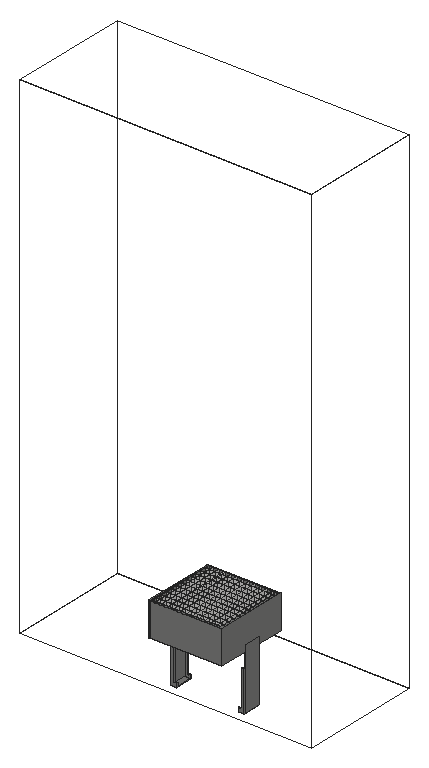
Revit family "Heater-Berko-Thermazone_Series", category Mechanical Equipment, host Face, Revit 2020
Family settings
  Host = Face
  Round Connector Dimension = Use Diameter
  Classification = None
  Part Type = Normal
  OmniClass Number = 23.75.70.17.17
  OmniClass Title = Radiation Panels
  Cut with Voids When Loaded = No
  Shared = No
  Room Calculation Point = No
Parameters (values of type "Not a Type - Load Type Catalog")
  Watts = 0 W
  Wall Mounting [instance] = no
  Voltage = 0 V
  Version = "2020 - v1.0a"  # constant formula
  URL = "https://www.marleymep.com/"
  Total Heating Capacity = 0.0 Btu/h
  Product Page URL = "https://www.marleymep.com/products/berko/thermazone-series-commercialresidential-infrared-heater"
  Product Name = "Thermazone Series - Commercial/Residential Infrared Heater"  # constant formula
  Product Documentation Link = "https://www.marleymep.com/system/files/node/file/field-file/Submittal_THERMAZONE-RadiantHeat-BERKO-FINAL.pdf"
  Power Factor = 1  # constant formula
  Phase = 1
  Number of Poles = 1  # constant formula
  Model = "Not a Type - Load a Type Catalog"
  Manufacturer = "Marley® Engineered Products"  # constant formula
  Length = 1' - 0"
  Keynote = "15500"
  Instruction Sheet Link = "https://www.marleymep.com/system/files/node/file/field-file/Instruction%20Manual_ENM-4155-01%20-%20Thermazone%20-%20Berko.pdf"
  Height = 0' - 5 1/2"  # constant formula
  Frequency = 60 Hz  # constant formula
  Depth = 1' - 0"  # constant formula
  Clearance [instance] = yes
  C_ Thermazone Series WM [instance] = Wall Mounting  # no
  C_ Thermazone Series CM [instance] = Ceiling Mounting  # yes
  C_ Thermazone Series 4' = no
  C_ Thermazone Series 2' = no
  C_ Thermazone Series 1' = yes
  Description = "Infrared Heaters for Industrial/Commercial/Residential\r"  # constant formula
  Default Elevation = 6' - 0"
  Copyright = "© 2015-2024, Marley Engineered Products"  # constant formula
  Ceiling Mounting [instance] = not(Wall Mounting)  # yes
  Infrared Material = Paint - Berko - Powder Coated Black (BK)
  C_ Clearance Wall Mounting [instance] = if(and(Wall Mounting, Clearance), 1 = 1, 1 = 0)  # no
  C_ Clearance Ceiling Mounting [instance] = if(and(Ceiling Mounting, Clearance), 1 = 1, 1 = 0)  # yes
  Assembly Code = "D3060300"
  Angle Positioning [instance] = "For wall mouting, the minimum is 37° and maximum 53°"  # constant formula
  Amps = 0 A
Reference planes (in)
  plane 1 "Center (Front/Back)": y = 0
  plane 2: z = 0
  plane 3 "Center (Left/Right)": x = 0
Dimensions and locks (in)
  aligned and locked: plane 2 to host face
  aligned and locked: level to host face
Nested families (in)
  nested 1: "Heater-Berko-Thermazone_Series-Infrared_Heaters" at (0, 0, 0), Clearance <- "Clearance", Ceiling Mounting <- "Ceiling Mounting", visible <- "C_ Thermazone Series CM", type "Thermazone Series"
    with Wall Mounting no, Thermazone Series yes, Clearance yes, Ceiling Mounting yes, C_ Thermazone Series yes, C_ Clearance Wall Mounting no, C_ Clearance Ceiling Mounting yes
  nested 2: "Heater-Berko-Thermazone_Series-Infrared_Heaters" at (1.37943, -26.67957, 0) x (-1, 0, 0) z (0, 0, 1), Clearance <- "Clearance", Wall Mounting <- "Wall Mounting", visible <- "C_ Thermazone Series WM", Ceiling Mounting <- "Ceiling Mounting", type "Thermazone Series"
    with Wall Mounting no, Thermazone Series yes, Clearance yes, Ceiling Mounting yes, C_ Thermazone Series yes, C_ Clearance Wall Mounting no, C_ Clearance Ceiling Mounting yes
Definition of nested family "Heater-Berko-Thermazone_Series-Infrared_Heaters"
  Parameters (values of type "Thermazone Series")
    Watts = 0 W
    Wall Mounting [instance] = yes
    Voltage = 0 V
    Version = "2020 - v1.0a"  # constant formula
    URL = "https://www.marleymep.com/"
    Total Heating Capacity = 0.0 Btu/h
    Thermazone Series [instance] = yes
    Product Page URL = "https://www.marleymep.com/products/qmark/thermazone-series-commercialresidential-infrared-heater"
    Product Name = "Thermazone Series - Commercial/Residential Infrared Heater"  # constant formula
    Product Documentation Link = "https://www.marleymep.com/system/files/node/file/field-file/Submittal_THERMAZONE-RadiantHeat-2-QMark.pdf"
    Power Factor = 0
    Phase = 1
    Number of Poles = 1
    Model = "Thermazone Series"
    Manufacturer = "Marley® Engineered Products"  # constant formula
    Length = 1' - 0"
    Instruction Sheet Link = "https://www.marleymep.com/system/files/node/file/field-file/Instruction%20Manual_ENM-4153-01%20-%20Thermazone%20-%20QMark_0.pdf"
    Height = 0' - 5 1/2"
    Frequency = 0 Hz
    Clearance [instance] = yes
    C_ Thermazone Series 4' = no
    C_ Thermazone Series 2' = no
    C_ Thermazone Series 1' = yes
    C_ Thermazone Series [instance] = Thermazone Series  # yes
    Description = "Infrared Heaters for Industrial/Commercial/Residential\r"  # constant formula
    Depth = 1' - 0"
    Default Elevation = 4' - 0"
    Copyright = "© 2015-2024, Marley Engineered Products"  # constant formula
    Ceiling Mounting [instance] = no
    Infrared Material = none
    C_ Clearance Wall Mounting [instance] = if(and(Wall Mounting, Clearance), 1 = 1, 1 = 0)  # yes
    C_ Clearance Ceiling Mounting [instance] = if(and(Ceiling Mounting, Clearance), 1 = 1, 1 = 0)  # no
    Amps = 0 A
  Reference planes (in)
    plane 1 "Center (Front/Back)": y = 0
    plane 2: z = 0
    plane 3 "Center (Left/Right)": x = 0
    plane 4: y = 6
    plane 5: y = -6
    plane 6: x = 6
    plane 7: x = -6
    plane 8: y = -5.875
    plane 9: x = 6.125
    plane 10: y = -1.46637
    plane 11: y = 1.46637
    plane 12: y = -1.34137
    plane 13: z = -72
    plane 14: z = 9.005
    plane 15: z = 13.505
    plane 16: z = 100.76
    plane 17: z = 5.005
    plane 18: z = 14.505
    plane 19: y = -78
    plane 20: z = 26.505
  Forms (in)
    Extrusion 1, solid
      sketch origin (0, 0, 0) x (1, 0, 0) y (0, 1, 0)
        loop
          line (-48, 48) -> (-48, -48) -> (48, -48) -> (48, 48) -> (-48, 48)
      from 0 to -12
    Extrusion 2, solid, visible <- "C_ Clearance Ceiling Mounting"
      sketch origin (20.10971, 16.31287, 77.005) x (1, 0, 0) y (0, 1, 0)
        loop
          line (-44.10971, -6.31287) -> (-44.10971, -26.31287) -> (3.89029, -26.31287) -> (3.89029, -6.31287) -> (-44.10971, -6.31287)
      from -72 to 9.5
    Extrusion 3, solid, material <- "Infrared Material", visible <- "Thermazone Series", detail levels fine
      sketch origin (0, 0, 14.505) x (0, -1, 0) y (0, 0, 1)
        loop
          line (-6, 0) -> (-6, -5.5) -> (6, -5.5) -> (6, 0) -> (-6, 0)
      from 5.875 to 6
    Extrusion 4, solid, material <- "Infrared Material", visible <- "Thermazone Series", detail levels fine
      sketch origin (0, 0, 14.505) x (0, -1, 0) y (0, 0, -1)
        loop
          line (-6, 0) -> (6, 0) -> (6, 5.5) -> (-6, 5.5) -> (-6, 0)
      from 5.875 to 6
    Extrusion 5, solid, material <- "Infrared Material", visible <- "Thermazone Series", detail levels fine
      sketch origin (0, 0, 14.505) x (-1, 0, 0) y (0, -1, 0)
        loop
          line (-5.875, 1.903) -> (5.875, 1.903) -> (5.875, 6) -> (-5.875, 6) -> (-5.875, 1.903)
      from 0 to -5.5
    Extrusion 6, solid, material <- "Infrared Material", visible <- "Thermazone Series", detail levels fine
      sketch origin (0, 0, 11.17879) x (-1, 0, 0) y (0, -1, 0)
        loop
          line (-5.875, -6) -> (5.875, -6) -> (5.875, 1.903) -> (-5.875, 1.903) -> (-5.875, -6)
      from 0 to 3.32621
    Extrusion 7, solid, material <- "Infrared Material", visible <- "Thermazone Series", detail levels fine
      sketch origin (0, 0, 14.505) x (0, 1, 0) y (0, 0, 1)
        loop
          line (-1.3448, -4.38) -> (-1.3448, -14.38) -> (1.345, -14.38) -> (1.345, -4.38) -> (-1.3448, -4.38)
      from 6 to 6.125
    Extrusion 8, solid, material <- "Infrared Material", visible <- "Thermazone Series", detail levels fine
      sketch origin (0, 0, 14.505) x (0, 1, 0) y (0, 0, -1)
        loop
          line (-1.3448, 4.38) -> (1.345, 4.38) -> (1.345, 14.38) -> (-1.3448, 14.38) -> (-1.3448, 4.38)
      from 6 to 6.125
    Extrusion 9, solid, material <- "Infrared Material", visible <- "Thermazone Series"
      sketch origin (0, 0, 28.76) x (1, 0, 0) y (0, 0, 1)
        loop
          circle (-2.64928, -18.50224) r 0.69831
      from 0.87873 to 1.903
    Extrusion 10, solid, material <- "Infrared Material", visible <- "Thermazone Series", detail levels fine
      sketch origin (0, 0, 28.76) x (1, 0, 0) y (0, 0, 1)
        loop
          line (6, -22.135) -> (5.551, -22.135) -> (5.551, -28.135) -> (5.051, -28.135) -> (5.051, -28.76) -> (6, -28.76) -> (6, -22.135)
      from 1.3448 to 1.46637
    Extrusion 11, solid, material <- "Infrared Material", visible <- "Thermazone Series", detail levels fine
      sketch origin (0, 0, 14.505) x (1, 0, 0) y (0, 0, -1)
        loop
          line (6, 7.88) -> (6, 14.505) -> (5.051, 14.505) -> (5.051, 13.88) -> (5.551, 13.88) -> (5.551, 7.88) -> (6, 7.88)
      from 1.3448 to 1.46637
    Extrusion 12, solid, material <- "Infrared Material", visible <- "Thermazone Series", detail levels fine
      sketch origin (0, 0, 28.635) x (1, 0, 0) y (0, 0, 1)
        loop
          line (5.051, -28.635) -> (6, -28.635) -> (6, -28.51) -> (5.051, -28.51) -> (5.051, -28.635)
      from -1.345 to 1.3448
    Extrusion 13, solid, material <- "Infrared Material", visible <- "Thermazone Series", detail levels fine
      sketch origin (0, 0, 28.76) x (-1, 0, 0) y (0, 0, -1)
        loop
          line (6, 22.135) -> (6, 28.76) -> (5.051, 28.76) -> (5.051, 28.135) -> (5.551, 28.135) -> (5.551, 22.135) -> (6, 22.135)
      from 1.3448 to 1.46637
    Extrusion 14, solid, material <- "Infrared Material", visible <- "Thermazone Series", detail levels fine
      sketch origin (0, 0, 14.505) x (-1, 0, 0) y (0, 0, 1)
        loop
          line (6, -7.88) -> (5.551, -7.88) -> (5.551, -13.88) -> (5.051, -13.88) -> (5.051, -14.505) -> (6, -14.505) -> (6, -7.88)
      from 1.3448 to 1.46637
    Extrusion 15, solid, material <- "Infrared Material", visible <- "Thermazone Series", detail levels fine
      sketch origin (0, 0, 28.635) x (-1, 0, 0) y (0, 0, -1)
        loop
          line (5.051, 28.635) -> (5.051, 28.51) -> (6, 28.51) -> (6, 28.635) -> (5.051, 28.635)
      from -1.345 to 1.3448
    Extrusion 16, solid, material <- "Infrared Material", detail levels coarse+medium
      sketch origin (0, 0, 28.76) x (1, 0, 0) y (0, 0, 1)
        loop
          line (5.051, -28.76) -> (6.125, -28.76) -> (6.125, -18.635) -> (6, -18.635) -> (6, -22.135) -> (5.551, -22.135) -> (5.551, -28.135) -> (5.051, -28.135) -> (5.051, -28.76)
      from -1.46637 to 1.46637
    Extrusion 17, solid, material <- "Infrared Material", detail levels coarse+medium
      sketch origin (0, 0, 28.76) x (-1, 0, 0) y (0, 0, -1)
        loop
          line (5.051, 28.76) -> (5.051, 28.135) -> (5.551, 28.135) -> (5.551, 22.135) -> (6, 22.135) -> (6, 18.635) -> (6.125, 18.635) -> (6.125, 28.76) -> (5.051, 28.76)
      from -1.46637 to 1.46637
    Extrusion 18, solid, material <- "Infrared Material", detail levels coarse+medium
      sketch origin (0, 0, 14.505) x (0, 1, 0) y (0, 0, 1)
        loop
          line (-6, -5.5) -> (-1.903, -5.5) -> (-1.903, -3.32621) -> (6, -3.32621) -> (6, 0) -> (-6, 0) -> (-6, -5.5)
      from -6 to 6
    Extrusion 19, solid, material <- "Infrared Material", detail levels coarse+medium
      sketch origin (0, 0, 14.505) x (0, -1, 0) y (1, 0, 0)
        loop
          line (1.903, -6) -> (1.903, -5.875) -> (-6, -5.875) -> (-6, -6) -> (1.903, -6)
      from -3.32621 to -5.5
    Extrusion 20, solid, material <- "Infrared Material", detail levels coarse+medium
      sketch origin (0, 0, 5.67879) x (0, 1, 0) y (-1, 0, 0)
        loop
          line (-1.903, -6) -> (6, -6) -> (6, -5.875) -> (-1.903, -5.875) -> (-1.903, -6)
      from 3.32621 to 5.5
    Extrusion 21, void
      sketch origin (0, 0, 0) x (1, 0, 0) y (0, 1, 0)
        loop
          line (5.625, -5.75) -> (5.625, 5.75) -> (-5.625, 5.75) -> (-5.625, -5.75) -> (5.625, -5.75)
      from 13.505 to 14.505
    Extrusion 22, solid, visible <- "C_ Clearance Wall Mounting"
      sketch origin (20.10971, 16.31287, 77.005) x (1, 0, 0) y (0, 1, 0)
        loop
          line (-44.10971, -6.31287) -> (-44.10971, -94.31287) -> (3.89029, -94.31287) -> (3.89029, -6.31287) -> (-44.10971, -6.31287)
      from -72 to -50.5
  Cuts and joins
    Extrusion 21 cuts Extrusion 5
    Extrusion 21 cuts Extrusion 6
    joined: Extrusion 5, Extrusion 6
    joined: Extrusion 18, Extrusion 19, Extrusion 20
  Dimensions and locks (in)
    "Depth": plane 4 to plane 5
    equal spacing: plane 4, plane 1 "Center (Front/Back)", plane 5
    "Length": plane 7 to plane 6
    equal spacing: plane 7, plane 3 "Center (Left/Right)", plane 6
    locked: Extrusion 2 sketch curve to plane 7 at 18
    locked: plane 6 to Extrusion 2 sketch curve at 18
    Extrusion 17 to Extrusion 17 to Extrusion 17 = 0' - 0.574", 0' - 0 1/2" locked
    Extrusion 16 to Extrusion 16 to plane 6 to Extrusion 16 = 0' - 0 1/2" locked, 0' - 0.449" locked, 0' - 0 1/8" locked
    locked: Extrusion 9 sketch curve to plane 7 at 3.35072
    locked: plane 7 to Extrusion 3 at 0.125
    locked: Extrusion 4 to plane 6 at 0.125
    locked: plane 6 to Extrusion 7 at 0.125
    locked: Extrusion 8 to plane 7 at 0.125
    locked: Extrusion 22 sketch curve to plane 7 at 18
    locked: plane 6 to Extrusion 22 sketch curve at 18
    aligned and locked: plane 2 to Extrusion 1
    aligned and locked: level to Extrusion 1
    aligned and locked: Extrusion 5 to plane 14
    aligned and locked: Extrusion 7 to Extrusion 10
    aligned and locked: Extrusion 7 to Extrusion 12  (x2)
    aligned and locked: Extrusion 12 to Extrusion 7
    aligned and locked: Extrusion 10 to Extrusion 16
    aligned and locked: Extrusion 19 to plane 14
    aligned and locked: Extrusion 3 to Extrusion 21
    aligned and locked: plane 15 to Extrusion 21
    aligned and locked: Extrusion 10 to level
    aligned and locked: Extrusion 16 to level
    aligned and locked: Extrusion 17 to level
    aligned and locked: Extrusion 18 to plane 7
    aligned and locked: Extrusion 18 to plane 6
    aligned and locked: Extrusion 3 to plane 7
    aligned and locked: Extrusion 4 to plane 6
    aligned and locked: plane 6 to Extrusion 7
    aligned and locked: plane 7 to Extrusion 8
    aligned and locked: plane 19 to Extrusion 22
    aligned and locked: Extrusion 22 to plane 20
  Automatic sketch dimensions
    Extrusion 1 sketch curve to Extrusion 1 sketch curve = 8' - 0"  (x2)
    plane 5 to Extrusion 2 sketch curve = 0' - 4"
    plane 4 to Extrusion 2 sketch curve = 0' - 4"
    Extrusion 3 sketch curve to plane 4 = 0' - 0"
    Extrusion 3 sketch curve to plane 5 = 0' - 0"
    plane 14 to Extrusion 3 sketch curve = 0' - 0"
    plane 18 to Extrusion 3 sketch curve = 0' - 0"
    Extrusion 4 sketch curve to plane 4 = 0' - 0"
    Extrusion 4 sketch curve to plane 5 = 0' - 0"
    plane 18 to Extrusion 4 sketch curve = 0' - 0"
    plane 14 to Extrusion 4 sketch curve = 0' - 0"
    plane 5 to Extrusion 5 sketch curve = 0' - 0"
    plane 6 to Extrusion 5 sketch curve = 0' - 0 1/8"
    plane 7 to Extrusion 5 sketch curve = 0' - 0 1/8"
    Extrusion 5 sketch curve to plane 10 = 0' - 0.43663"
    Extrusion 6 sketch curve to plane 4 = 0' - 0"
    plane 6 to Extrusion 6 sketch curve = 0' - 0 1/8"
    plane 7 to Extrusion 6 sketch curve = 0' - 0 1/8"
    Extrusion 6 sketch curve to plane 10 = 0' - 0.43663"
    plane 12 to Extrusion 7 sketch curve = 0' - 0.00343"
    Extrusion 7 sketch curve to plane 11 = 0' - 0.12137"
    plane 14 to Extrusion 7 sketch curve = 0' - 1.12"
    Extrusion 7 sketch curve to level = 0' - 0 1/8"
    Extrusion 8 sketch curve to plane 12 = 0' - 0.00343"
    plane 11 to Extrusion 8 sketch curve = 0' - 0.12137"
    Extrusion 8 sketch curve to plane 14 = 0' - 1.12"
    level to Extrusion 8 sketch curve = 0' - 0 1/8"
    plane 14 to Extrusion 9 sketch curve = 0' - 1.25276"
    Extrusion 10 sketch curve to level = 0' - 0"
    plane 6 to Extrusion 10 sketch curve = 0' - 0"
    Extrusion 10 sketch curve to plane 6 = 0' - 0.449"
    Extrusion 10 sketch curve to Extrusion 10 sketch curve = 0' - 0 1/2"
    Extrusion 10 sketch curve to Extrusion 10 sketch curve = 0' - 0 5/8"
    plane 17 to Extrusion 10 sketch curve = 0' - 1.62"
    Extrusion 11 sketch curve to level = 0' - 0"
    plane 6 to Extrusion 11 sketch curve = 0' - 0"
    plane 6 to Extrusion 11 sketch curve = 0' - 0.449"
    Extrusion 11 sketch curve to Extrusion 11 sketch curve = 0' - 0 1/2"
    Extrusion 11 sketch curve to Extrusion 11 sketch curve = 0' - 0 5/8"
    Extrusion 11 sketch curve to plane 17 = 0' - 1.62"
    Extrusion 12 sketch curve to level = 0' - 0"
    plane 6 to Extrusion 12 sketch curve = 0' - 0"
    Extrusion 12 sketch curve to plane 6 = 0' - 0.949"
    Extrusion 12 sketch curve to Extrusion 12 sketch curve = 0' - 0 1/8"
    Extrusion 13 sketch curve to level = 0' - 0"
    Extrusion 13 sketch curve to plane 7 = 0' - 0"
    plane 7 to Extrusion 13 sketch curve = 0' - 0.449"
    Extrusion 13 sketch curve to Extrusion 13 sketch curve = 0' - 0 1/2"
    Extrusion 13 sketch curve to Extrusion 13 sketch curve = 0' - 0 5/8"
    Extrusion 13 sketch curve to plane 17 = 0' - 1.62"
    Extrusion 14 sketch curve to level = 0' - 0"
    Extrusion 14 sketch curve to plane 7 = 0' - 0"
    plane 7 to Extrusion 14 sketch curve = 0' - 0.449"
    Extrusion 14 sketch curve to Extrusion 14 sketch curve = 0' - 0 1/2"
    level to Extrusion 14 sketch curve = 0' - 0 5/8"
    Extrusion 14 sketch curve to plane 17 = 0' - 1.62"
    Extrusion 15 sketch curve to level = 0' - 0"
    Extrusion 15 sketch curve to plane 7 = 0' - 0"
    plane 7 to Extrusion 15 sketch curve = 0' - 0.949"
    Extrusion 15 sketch curve to Extrusion 15 sketch curve = 0' - 0 1/8"
    Extrusion 16 sketch curve to level = 0' - 0"
    plane 6 to Extrusion 16 sketch curve = 0' - 0"
    plane 9 to Extrusion 16 sketch curve = 0' - 0"
    Extrusion 16 sketch curve to plane 6 = 0' - 0.449"
    Extrusion 16 sketch curve to Extrusion 16 sketch curve = 0' - 0 1/2"
    Extrusion 16 sketch curve to level = 0' - 0 5/8"
    plane 17 to Extrusion 16 sketch curve = 0' - 1.62"
    plane 14 to Extrusion 16 sketch curve = 0' - 1.12"
    Extrusion 17 sketch curve to level = 0' - 0"
    Extrusion 17 sketch curve to plane 7 = 0' - 0"
    plane 7 to Extrusion 17 sketch curve = 0' - 0.449"
    Extrusion 17 sketch curve to Extrusion 17 sketch curve = 0' - 0 1/2"
    Extrusion 17 sketch curve to plane 7 = 0' - 0 1/8"
    level to Extrusion 17 sketch curve = 0' - 0 5/8"
    Extrusion 17 sketch curve to plane 17 = 0' - 1.62"
    Extrusion 17 sketch curve to plane 14 = 0' - 1.12"
    Extrusion 18 sketch curve to plane 5 = 0' - 0"
    plane 14 to Extrusion 18 sketch curve = 0' - 0"
    Extrusion 18 sketch curve to plane 4 = 0' - 0"
    plane 18 to Extrusion 18 sketch curve = 0' - 0"
    plane 10 to Extrusion 18 sketch curve = 0' - 0.43663"
    plane 14 to Extrusion 18 sketch curve = 0' - 2.17379"
    Extrusion 19 sketch curve to plane 4 = 0' - 0"
    Extrusion 19 sketch curve to plane 7 = 0' - 0"
    plane 7 to Extrusion 19 sketch curve = 0' - 0 1/8"
    Extrusion 19 sketch curve to plane 10 = 0' - 0.43663"
    Extrusion 20 sketch curve to plane 6 = 0' - 0"
    Extrusion 20 sketch curve to plane 4 = 0' - 0"
    Extrusion 20 sketch curve to plane 10 = 0' - 0.43663"
    plane 6 to Extrusion 20 sketch curve = 0' - 0 1/8"
    Extrusion 21 sketch curve to plane 8 = 0' - 0 1/8"
    plane 7 to Extrusion 21 sketch curve = 0' - 0 3/8"
    plane 6 to Extrusion 21 sketch curve = 0' - 0 3/8"
    Extrusion 21 sketch curve to plane 4 = 0' - 0 1/4"
    plane 5 to Extrusion 22 sketch curve = 6' - 0"
    plane 4 to Extrusion 22 sketch curve = 0' - 4"
    radius of Extrusion 9 sketch curve = 0' - 0.69831"
  Nested families (in)
    nested 1: "Net-Thermazone_Series" at (0, 0, 14.505) x (1, 0, 0) z (0, 0, -1), 1' <- "C_ Thermazone Series 1'", 2' <- "C_ Thermazone Series 2'", 4' <- "C_ Thermazone Series 4'", Length <- "Length", type "Net"
      with Length 1' - 0", Height 0' - 1", Depth 1' - 0", 4' no, 2' no, 1' yes
  Definition of nested family "Net-Thermazone_Series"
    Parameters (values of type "Net")
      Net Material = none
      Height [instance] = 0' - 1"  # constant formula
      Length [instance] = 1' - 0"
      Depth [instance] = 1' - 0"  # constant formula
      4' [instance] = no
      2' [instance] = no
      1' [instance] = yes
      Default Elevation = 0' - 0"
    Reference planes (in)
      plane 1 "Center (Front/Back)": y = 0
      plane 2: z = 0
      plane 3 "Center (Left/Right)": x = 0
      plane 4: z = 12
      plane 5: x = 6
      plane 6: x = -6
      plane 7: y = 6
      plane 8: y = -6
      plane 9: x = -5.625
      plane 10: x = 5.625
      plane 11: y = 5.75
      plane 12: y = -5.75
    Forms (in)
      Extrusion 1, solid
        sketch origin (0, 0, 0) x (1, 0, 0) y (0, 1, 0)
          loop
            line (-48, 48) -> (-48, -48) -> (48, -48) -> (48, 48) -> (-48, 48)
        from 0 to -12
      Extrusion 2, solid, material <- "Net Material", visible <- "1'", detail levels fine
        sketch origin (0.5625, 0, 0) x (1, 0, 0) y (0, 1, 0)
          loop
            line (-5.625, -5.75) -> (-5.56354, -5.75) -> (-5.56354, 5.75) -> (-5.625, 5.75) -> (-5.625, -5.75)
        from 0 to 1
      Extrusion 3, solid, material <- "Net Material", visible <- "1'", detail levels fine
        sketch origin (1.56146, 0, 0) x (1, 0, 0) y (0, 1, 0)
          loop
            line (-5.625, -5.75) -> (-5.56354, -5.75) -> (-5.56354, 5.75) -> (-5.625, 5.75) -> (-5.625, -5.75)
        from 0 to 1
      Extrusion 4, solid, material <- "Net Material", visible <- "1'", detail levels fine
        sketch origin (2.56041, 0, 0) x (1, 0, 0) y (0, 1, 0)
          loop
            line (-5.625, -5.75) -> (-5.56354, -5.75) -> (-5.56354, 5.75) -> (-5.625, 5.75) -> (-5.625, -5.75)
        from 0 to 1
      Extrusion 5, solid, material <- "Net Material", visible <- "1'", detail levels fine
        sketch origin (3.55937, 0, 0) x (1, 0, 0) y (0, 1, 0)
          loop
            line (-5.625, -5.75) -> (-5.56354, -5.75) -> (-5.56354, 5.75) -> (-5.625, 5.75) -> (-5.625, -5.75)
        from 0 to 1
      Extrusion 6, solid, material <- "Net Material", visible <- "1'", detail levels fine
        sketch origin (4.55833, 0, 0) x (1, 0, 0) y (0, 1, 0)
          loop
            line (-5.625, -5.75) -> (-5.56354, -5.75) -> (-5.56354, 5.75) -> (-5.625, 5.75) -> (-5.625, -5.75)
        from 0 to 1
      Extrusion 7, solid, material <- "Net Material", visible <- "1'", detail levels fine
        sketch origin (5.55728, 0, 0) x (1, 0, 0) y (0, 1, 0)
          loop
            line (-5.625, -5.75) -> (-5.56354, -5.75) -> (-5.56354, 5.75) -> (-5.625, 5.75) -> (-5.625, -5.75)
        from 0 to 1
      Extrusion 8, solid, material <- "Net Material", visible <- "1'", detail levels fine
        sketch origin (6.55624, 0, 0) x (1, 0, 0) y (0, 1, 0)
          loop
            line (-5.625, -5.75) -> (-5.56354, -5.75) -> (-5.56354, 5.75) -> (-5.625, 5.75) -> (-5.625, -5.75)
        from 0 to 1
      Extrusion 9, solid, material <- "Net Material", visible <- "1'", detail levels fine
        sketch origin (7.5552, 0, 0) x (1, 0, 0) y (0, 1, 0)
          loop
            line (-5.625, -5.75) -> (-5.56354, -5.75) -> (-5.56354, 5.75) -> (-5.625, 5.75) -> (-5.625, -5.75)
        from 0 to 1
      Extrusion 10, solid, material <- "Net Material", visible <- "1'", detail levels fine
        sketch origin (8.55415, 0, 0) x (1, 0, 0) y (0, 1, 0)
          loop
            line (-5.625, -5.75) -> (-5.56354, -5.75) -> (-5.56354, 5.75) -> (-5.625, 5.75) -> (-5.625, -5.75)
        from 0 to 1
      Extrusion 11, solid, material <- "Net Material", visible <- "1'", detail levels fine
        sketch origin (9.55311, 0, 0) x (1, 0, 0) y (0, 1, 0)
          loop
            line (-5.625, -5.75) -> (-5.56354, -5.75) -> (-5.56354, 5.75) -> (-5.625, 5.75) -> (-5.625, -5.75)
        from 0 to 1
      Extrusion 12, solid, material <- "Net Material", visible <- "1'", detail levels fine
        sketch origin (10.55207, 0, 0) x (1, 0, 0) y (0, 1, 0)
          loop
            line (-5.625, -5.75) -> (-5.56354, -5.75) -> (-5.56354, 5.75) -> (-5.625, 5.75) -> (-5.625, -5.75)
        from 0 to 1
      Extrusion 13, solid, material <- "Net Material", visible <- "2'", detail levels fine
        sketch origin (5.43124, 0, 0) x (-1, 0, 0) y (0, -1, 0)
          loop
            line (11.4927, 5.75) -> (11.43124, 5.75) -> (11.43124, -5.75) -> (11.4927, -5.75) -> (11.4927, 5.75)
        from 0 to 1
      Extrusion 14, solid, material <- "Net Material", visible <- "2'", detail levels fine
        sketch origin (5.43124, 0, 0) x (-1, 0, 0) y (0, -1, 0)
          loop
            line (12.49165, 5.75) -> (12.4302, 5.75) -> (12.4302, -5.75) -> (12.49165, -5.75) -> (12.49165, 5.75)
        from 0 to 1
      Extrusion 15, solid, material <- "Net Material", visible <- "2'", detail levels fine
        sketch origin (5.43124, 0, 0) x (-1, 0, 0) y (0, -1, 0)
          loop
            line (13.49061, 5.75) -> (13.42915, 5.75) -> (13.42915, -5.75) -> (13.49061, -5.75) -> (13.49061, 5.75)
        from 0 to 1
      Extrusion 16, solid, material <- "Net Material", visible <- "2'", detail levels fine
        sketch origin (5.43124, 0, 0) x (-1, 0, 0) y (0, -1, 0)
          loop
            line (14.48957, 5.75) -> (14.42811, 5.75) -> (14.42811, -5.75) -> (14.48957, -5.75) -> (14.48957, 5.75)
        from 0 to 1
      Extrusion 17, solid, material <- "Net Material", visible <- "2'", detail levels fine
        sketch origin (5.43124, 0, 0) x (-1, 0, 0) y (0, -1, 0)
          loop
            line (15.48853, 5.75) -> (15.42707, 5.75) -> (15.42707, -5.75) -> (15.48853, -5.75) -> (15.48853, 5.75)
        from 0 to 1
      Extrusion 18, solid, material <- "Net Material", visible <- "2'", detail levels fine
        sketch origin (-5.43124, 0, 0) x (1, 0, 0) y (0, 1, 0)
          loop
            line (-5.625, -5.75) -> (-5.56354, -5.75) -> (-5.56354, 5.75) -> (-5.625, 5.75) -> (-5.625, -5.75)
        from 0 to 1
      Extrusion 19, solid, material <- "Net Material", visible <- "2'", detail levels fine
        sketch origin (0.43646, 0, 0) x (-1, 0, 0) y (0, -1, 0)
          loop
            line (-5.625, 5.75) -> (-5.625, -5.75) -> (-5.56354, -5.75) -> (-5.56354, 5.75) -> (-5.625, 5.75)
        from 0 to 1
      Extrusion 20, solid, material <- "Net Material", visible <- "2'", detail levels fine
        sketch origin (1.43541, 0, 0) x (-1, 0, 0) y (0, -1, 0)
          loop
            line (-5.625, 5.75) -> (-5.625, -5.75) -> (-5.56354, -5.75) -> (-5.56354, 5.75) -> (-5.625, 5.75)
        from 0 to 1
      Extrusion 21, solid, material <- "Net Material", visible <- "2'", detail levels fine
        sketch origin (2.43437, 0, 0) x (-1, 0, 0) y (0, -1, 0)
          loop
            line (-5.625, 5.75) -> (-5.625, -5.75) -> (-5.56354, -5.75) -> (-5.56354, 5.75) -> (-5.625, 5.75)
        from 0 to 1
      Extrusion 22, solid, material <- "Net Material", visible <- "2'", detail levels fine
        sketch origin (3.43333, 0, 0) x (-1, 0, 0) y (0, -1, 0)
          loop
            line (-5.625, 5.75) -> (-5.625, -5.75) -> (-5.56354, -5.75) -> (-5.56354, 5.75) -> (-5.625, 5.75)
        from 0 to 1
      Extrusion 23, solid, material <- "Net Material", visible <- "2'", detail levels fine
        sketch origin (4.43228, 0, 0) x (-1, 0, 0) y (0, -1, 0)
          loop
            line (-5.625, 5.75) -> (-5.625, -5.75) -> (-5.56354, -5.75) -> (-5.56354, 5.75) -> (-5.625, 5.75)
        from 0 to 1
      Extrusion 24, solid, material <- "Net Material", visible <- "2'", detail levels fine
        sketch origin (5.43124, 0, 0) x (-1, 0, 0) y (0, -1, 0)
          loop
            line (-5.625, 5.75) -> (-5.625, -5.75) -> (-5.56354, -5.75) -> (-5.56354, 5.75) -> (-5.625, 5.75)
        from 0 to 1
      Extrusion 25, solid, material <- "Net Material", visible <- "4'", detail levels fine
        sketch origin (11.55103, 0, 0) x (1, 0, 0) y (0, 1, 0)
          loop
            line (-23.60622, -5.75) -> (-23.54477, -5.75) -> (-23.54477, 5.75) -> (-23.60622, 5.75) -> (-23.60622, -5.75)
        from 0 to 1
      Extrusion 26, solid, material <- "Net Material", visible <- "4'", detail levels fine
        sketch origin (11.55103, 0, 0) x (1, 0, 0) y (0, 1, 0)
          loop
            line (-24.60518, -5.75) -> (-24.54372, -5.75) -> (-24.54372, 5.75) -> (-24.60518, 5.75) -> (-24.60518, -5.75)
        from 0 to 1
      Extrusion 27, solid, material <- "Net Material", visible <- "4'", detail levels fine
        sketch origin (11.55103, 0, 0) x (1, 0, 0) y (0, 1, 0)
          loop
            line (-25.60414, -5.75) -> (-25.54268, -5.75) -> (-25.54268, 5.75) -> (-25.60414, 5.75) -> (-25.60414, -5.75)
        from 0 to 1
      Extrusion 28, solid, material <- "Net Material", visible <- "4'", detail levels fine
        sketch origin (11.55103, 0, 0) x (1, 0, 0) y (0, 1, 0)
          loop
            line (-26.60309, -5.75) -> (-26.54164, -5.75) -> (-26.54164, 5.75) -> (-26.60309, 5.75) -> (-26.60309, -5.75)
        from 0 to 1
      Extrusion 29, solid, material <- "Net Material", visible <- "4'", detail levels fine
        sketch origin (11.55103, 0, 0) x (1, 0, 0) y (0, 1, 0)
          loop
            line (-27.60205, -5.75) -> (-27.54059, -5.75) -> (-27.54059, 5.75) -> (-27.60205, 5.75) -> (-27.60205, -5.75)
        from 0 to 1
      Extrusion 30, solid, material <- "Net Material", visible <- "4'", detail levels fine
        sketch origin (11.55103, 0, 0) x (1, 0, 0) y (0, 1, 0)
          loop
            line (-28.60101, -5.75) -> (-28.53955, -5.75) -> (-28.53955, 5.75) -> (-28.60101, 5.75) -> (-28.60101, -5.75)
        from 0 to 1
      Extrusion 31, solid, material <- "Net Material", visible <- "4'", detail levels fine
        sketch origin (11.55103, 0, 0) x (1, 0, 0) y (0, 1, 0)
          loop
            line (-29.59996, -5.75) -> (-29.53851, -5.75) -> (-29.53851, 5.75) -> (-29.59996, 5.75) -> (-29.59996, -5.75)
        from 0 to 1
      Extrusion 32, solid, material <- "Net Material", visible <- "4'", detail levels fine
        sketch origin (11.55103, 0, 0) x (1, 0, 0) y (0, 1, 0)
          loop
            line (-30.59892, -5.75) -> (-30.53746, -5.75) -> (-30.53746, 5.75) -> (-30.59892, 5.75) -> (-30.59892, -5.75)
        from 0 to 1
      Extrusion 33, solid, material <- "Net Material", visible <- "4'", detail levels fine
        sketch origin (11.55103, 0, 0) x (1, 0, 0) y (0, 1, 0)
          loop
            line (-31.59788, -5.75) -> (-31.53642, -5.75) -> (-31.53642, 5.75) -> (-31.59788, 5.75) -> (-31.59788, -5.75)
        from 0 to 1
      Extrusion 34, solid, material <- "Net Material", visible <- "4'", detail levels fine
        sketch origin (11.55103, 0, 0) x (1, 0, 0) y (0, 1, 0)
          loop
            line (-32.59683, -5.75) -> (-32.53538, -5.75) -> (-32.53538, 5.75) -> (-32.59683, 5.75) -> (-32.59683, -5.75)
        from 0 to 1
      Extrusion 35, solid, material <- "Net Material", visible <- "4'", detail levels fine
        sketch origin (11.55103, 0, 0) x (1, 0, 0) y (0, 1, 0)
          loop
            line (-33.59579, -5.75) -> (-33.53433, -5.75) -> (-33.53433, 5.75) -> (-33.59579, 5.75) -> (-33.59579, -5.75)
        from 0 to 1
      Extrusion 36, solid, material <- "Net Material", visible <- "4'", detail levels fine
        sketch origin (-11.55103, 0, 0) x (-1, 0, 0) y (0, -1, 0)
          loop
            line (11.4927, 5.75) -> (11.43124, 5.75) -> (11.43124, -5.75) -> (11.4927, -5.75) -> (11.4927, 5.75)
        from 0 to 1
      Extrusion 37, solid, material <- "Net Material", visible <- "4'", detail levels fine
        sketch origin (0.5625, 0, 0) x (1, 0, 0) y (0, 1, 0)
          loop
            line (11.4927, -5.75) -> (11.4927, 5.75) -> (11.43124, 5.75) -> (11.43124, -5.75) -> (11.4927, -5.75)
        from 0 to 1
      Extrusion 38, solid, material <- "Net Material", visible <- "4'", detail levels fine
        sketch origin (1.56146, 0, 0) x (1, 0, 0) y (0, 1, 0)
          loop
            line (11.4927, -5.75) -> (11.4927, 5.75) -> (11.43124, 5.75) -> (11.43124, -5.75) -> (11.4927, -5.75)
        from 0 to 1
      Extrusion 39, solid, material <- "Net Material", visible <- "4'", detail levels fine
        sketch origin (2.56041, 0, 0) x (1, 0, 0) y (0, 1, 0)
          loop
            line (11.4927, -5.75) -> (11.4927, 5.75) -> (11.43124, 5.75) -> (11.43124, -5.75) -> (11.4927, -5.75)
        from 0 to 1
      Extrusion 40, solid, material <- "Net Material", visible <- "4'", detail levels fine
        sketch origin (3.55937, 0, 0) x (1, 0, 0) y (0, 1, 0)
          loop
            line (11.4927, -5.75) -> (11.4927, 5.75) -> (11.43124, 5.75) -> (11.43124, -5.75) -> (11.4927, -5.75)
        from 0 to 1
      Extrusion 41, solid, material <- "Net Material", visible <- "4'", detail levels fine
        sketch origin (4.55833, 0, 0) x (1, 0, 0) y (0, 1, 0)
          loop
            line (11.4927, -5.75) -> (11.4927, 5.75) -> (11.43124, 5.75) -> (11.43124, -5.75) -> (11.4927, -5.75)
        from 0 to 1
      Extrusion 42, solid, material <- "Net Material", visible <- "4'", detail levels fine
        sketch origin (5.55728, 0, 0) x (1, 0, 0) y (0, 1, 0)
          loop
            line (11.4927, -5.75) -> (11.4927, 5.75) -> (11.43124, 5.75) -> (11.43124, -5.75) -> (11.4927, -5.75)
        from 0 to 1
      Extrusion 43, solid, material <- "Net Material", visible <- "4'", detail levels fine
        sketch origin (6.55624, 0, 0) x (1, 0, 0) y (0, 1, 0)
          loop
            line (11.4927, -5.75) -> (11.4927, 5.75) -> (11.43124, 5.75) -> (11.43124, -5.75) -> (11.4927, -5.75)
        from 0 to 1
      Extrusion 44, solid, material <- "Net Material", visible <- "4'", detail levels fine
        sketch origin (7.5552, 0, 0) x (1, 0, 0) y (0, 1, 0)
          loop
            line (11.4927, -5.75) -> (11.4927, 5.75) -> (11.43124, 5.75) -> (11.43124, -5.75) -> (11.4927, -5.75)
        from 0 to 1
      Extrusion 45, solid, material <- "Net Material", visible <- "4'", detail levels fine
        sketch origin (8.55415, 0, 0) x (1, 0, 0) y (0, 1, 0)
          loop
            line (11.4927, -5.75) -> (11.4927, 5.75) -> (11.43124, 5.75) -> (11.43124, -5.75) -> (11.4927, -5.75)
        from 0 to 1
      Extrusion 46, solid, material <- "Net Material", visible <- "4'", detail levels fine
        sketch origin (9.55311, 0, 0) x (1, 0, 0) y (0, 1, 0)
          loop
            line (11.4927, -5.75) -> (11.4927, 5.75) -> (11.43124, 5.75) -> (11.43124, -5.75) -> (11.4927, -5.75)
        from 0 to 1
      Extrusion 47, solid, material <- "Net Material", visible <- "4'", detail levels fine
        sketch origin (10.55207, 0, 0) x (1, 0, 0) y (0, 1, 0)
          loop
            line (11.4927, -5.75) -> (11.4927, 5.75) -> (11.43124, 5.75) -> (11.43124, -5.75) -> (11.4927, -5.75)
        from 0 to 1
      Extrusion 48, solid, material <- "Net Material", visible <- "4'", detail levels fine
        sketch origin (11.55103, 0, 0) x (1, 0, 0) y (0, 1, 0)
          loop
            line (11.4927, -5.75) -> (11.4927, 5.75) -> (11.43124, 5.75) -> (11.43124, -5.75) -> (11.4927, -5.75)
        from 0 to 1
      Extrusion 49, solid, material <- "Net Material", visible <- "1'", detail levels fine
        sketch origin (3.95884, 10.62604, 0) x (0, 1, 0) y (-1, 0, 0)
          loop
            line (-5.625, -1.66616) -> (-5.56354, -1.66616) -> (-5.56354, 9.58384) -> (-5.625, 9.58384) -> (-5.625, -1.66616)
        from 0 to 1
      Extrusion 50, solid, material <- "Net Material", visible <- "1'", not visible, detail levels fine
        sketch origin (0.5625, 0, 0) x (1, 0, 0) y (0, 1, 0)
          loop
            line (-5.625, -5.75) -> (-5.56354, -5.75) -> (-5.56354, 5.75) -> (-5.625, 5.75) -> (-5.625, -5.75)
        from 0 to 1
      Extrusion 51, solid, material <- "Net Material", visible <- "1'", detail levels fine
        sketch origin (3.95884, 9.62709, 0) x (0, 1, 0) y (-1, 0, 0)
          loop
            line (-5.625, -1.66616) -> (-5.56354, -1.66616) -> (-5.56354, 9.58384) -> (-5.625, 9.58384) -> (-5.625, -1.66616)
        from 0 to 1
      Extrusion 52, solid, material <- "Net Material", visible <- "1'", detail levels fine
        sketch origin (3.95884, 8.62813, 0) x (0, 1, 0) y (-1, 0, 0)
          loop
            line (-5.625, -1.66616) -> (-5.56354, -1.66616) -> (-5.56354, 9.58384) -> (-5.625, 9.58384) -> (-5.625, -1.66616)
        from 0 to 1
      Extrusion 53, solid, material <- "Net Material", visible <- "1'", detail levels fine
        sketch origin (3.95884, 7.62917, 0) x (0, 1, 0) y (-1, 0, 0)
          loop
            line (-5.625, -1.66616) -> (-5.56354, -1.66616) -> (-5.56354, 9.58384) -> (-5.625, 9.58384) -> (-5.625, -1.66616)
        from 0 to 1
      Extrusion 54, solid, material <- "Net Material", visible <- "1'", detail levels fine
        sketch origin (3.95884, 6.63022, 0) x (0, 1, 0) y (-1, 0, 0)
          loop
            line (-5.625, -1.66616) -> (-5.56354, -1.66616) -> (-5.56354, 9.58384) -> (-5.625, 9.58384) -> (-5.625, -1.66616)
        from 0 to 1
      Extrusion 55, solid, material <- "Net Material", visible <- "1'", detail levels fine
        sketch origin (3.95884, 5.63126, 0) x (0, 1, 0) y (-1, 0, 0)
          loop
            line (-5.625, -1.66616) -> (-5.56354, -1.66616) -> (-5.56354, 9.58384) -> (-5.625, 9.58384) -> (-5.625, -1.66616)
        from 0 to 1
      Extrusion 56, solid, material <- "Net Material", visible <- "1'", detail levels fine
        sketch origin (3.95884, 4.6323, 0) x (0, 1, 0) y (-1, 0, 0)
          loop
            line (-5.625, -1.66616) -> (-5.56354, -1.66616) -> (-5.56354, 9.58384) -> (-5.625, 9.58384) -> (-5.625, -1.66616)
        from 0 to 1
      Extrusion 57, solid, material <- "Net Material", visible <- "1'", detail levels fine
        sketch origin (3.95884, 3.63335, 0) x (0, 1, 0) y (-1, 0, 0)
          loop
            line (-5.625, -1.66616) -> (-5.56354, -1.66616) -> (-5.56354, 9.58384) -> (-5.625, 9.58384) -> (-5.625, -1.66616)
        from 0 to 1
      Extrusion 58, solid, material <- "Net Material", visible <- "1'", detail levels fine
        sketch origin (3.95884, 2.63439, 0) x (0, 1, 0) y (-1, 0, 0)
          loop
            line (-5.625, -1.66616) -> (-5.56354, -1.66616) -> (-5.56354, 9.58384) -> (-5.625, 9.58384) -> (-5.625, -1.66616)
        from 0 to 1
      Extrusion 59, solid, material <- "Net Material", visible <- "1'", detail levels fine
        sketch origin (3.95884, 1.63543, 0) x (0, 1, 0) y (-1, 0, 0)
          loop
            line (-5.625, -1.66616) -> (-5.56354, -1.66616) -> (-5.56354, 9.58384) -> (-5.625, 9.58384) -> (-5.625, -1.66616)
        from 0 to 1
      Extrusion 60, solid, material <- "Net Material", visible <- "1'", detail levels fine
        sketch origin (3.95884, 0.63647, 0) x (0, 1, 0) y (-1, 0, 0)
          loop
            line (-5.625, -1.66616) -> (-5.56354, -1.66616) -> (-5.56354, 9.58384) -> (-5.625, 9.58384) -> (-5.625, -1.66616)
        from 0 to 1
    Dimensions and locks (in)
      "Length": plane 4 to Extrusion 1
      "Length": plane 6 to plane 5
      equal spacing: plane 6, plane 3 "Center (Left/Right)", plane 5
      "Depth": plane 8 to plane 7
      equal spacing: plane 8, plane 1 "Center (Front/Back)", plane 7
      equal spacing: group 1, group 2, group 3, group 4, group 5, group 6, group 7, group 8, group 9, group 10, group 11  (x3)
      equal spacing: group 17, group 16, group 15, group 14, group 13, group 12
      equal spacing: group 12, group 13, group 14, group 15, group 16, group 17  (x2)
      equal spacing: group 35, group 34, group 33, group 32, group 31, group 30, group 29, group 28, group 27, group 26, group 25, group 24
      equal spacing: group 24, group 25, group 26, group 27, group 28, group 29, group 30, group 31, group 32, group 33, group 34, group 35  (x2)
      locked: plane 6 to plane 9 at 0.375
      locked: plane 10 to plane 5 at 0.375
      aligned and locked: plane 2 to Extrusion 1
      aligned and locked: level to Extrusion 1
      aligned and locked: Extrusion 49 to plane 9
      aligned and locked: Extrusion 49 to plane 10
    Automatic sketch dimensions
      Extrusion 2 sketch curve to Extrusion 2 sketch curve = 0' - 0.06146"
      Extrusion 2 sketch curve to Extrusion 2 sketch curve = 0' - 11 1/2"
      Extrusion 3 sketch curve to Extrusion 3 sketch curve = 0' - 0.06146"
      Extrusion 3 sketch curve to Extrusion 3 sketch curve = 0' - 11 1/2"
      Extrusion 4 sketch curve to Extrusion 4 sketch curve = 0' - 0.06146"
      Extrusion 4 sketch curve to Extrusion 4 sketch curve = 0' - 11 1/2"
      Extrusion 5 sketch curve to Extrusion 5 sketch curve = 0' - 0.06146"
      Extrusion 5 sketch curve to Extrusion 5 sketch curve = 0' - 11 1/2"
      Extrusion 6 sketch curve to Extrusion 6 sketch curve = 0' - 0.06146"
      Extrusion 6 sketch curve to Extrusion 6 sketch curve = 0' - 11 1/2"
      Extrusion 7 sketch curve to Extrusion 7 sketch curve = 0' - 0.06146"
      Extrusion 7 sketch curve to Extrusion 7 sketch curve = 0' - 11 1/2"
      Extrusion 8 sketch curve to Extrusion 8 sketch curve = 0' - 0.06146"
      Extrusion 8 sketch curve to Extrusion 8 sketch curve = 0' - 11 1/2"
      Extrusion 9 sketch curve to Extrusion 9 sketch curve = 0' - 0.06146"
      Extrusion 9 sketch curve to Extrusion 9 sketch curve = 0' - 11 1/2"
      Extrusion 10 sketch curve to Extrusion 10 sketch curve = 0' - 0.06146"
      Extrusion 10 sketch curve to Extrusion 10 sketch curve = 0' - 11 1/2"
      Extrusion 11 sketch curve to Extrusion 11 sketch curve = 0' - 0.06146"
      Extrusion 11 sketch curve to Extrusion 11 sketch curve = 0' - 11 1/2"
      Extrusion 12 sketch curve to Extrusion 12 sketch curve = 0' - 0.06146"
      Extrusion 12 sketch curve to Extrusion 12 sketch curve = 0' - 11 1/2"
      Extrusion 13 sketch curve to Extrusion 13 sketch curve = 0' - 0.06146"
      Extrusion 13 sketch curve to Extrusion 13 sketch curve = 0' - 11 1/2"
      Extrusion 14 sketch curve to Extrusion 14 sketch curve = 0' - 0.06146"
      Extrusion 14 sketch curve to Extrusion 14 sketch curve = 0' - 11 1/2"
      Extrusion 15 sketch curve to Extrusion 15 sketch curve = 0' - 0.06146"
      Extrusion 15 sketch curve to Extrusion 15 sketch curve = 0' - 11 1/2"
      Extrusion 16 sketch curve to Extrusion 16 sketch curve = 0' - 0.06146"
      Extrusion 16 sketch curve to Extrusion 16 sketch curve = 0' - 11 1/2"
      Extrusion 17 sketch curve to Extrusion 17 sketch curve = 0' - 0.06146"
      Extrusion 17 sketch curve to Extrusion 17 sketch curve = 0' - 11 1/2"
      Extrusion 18 sketch curve to Extrusion 18 sketch curve = 0' - 0.06146"
      Extrusion 18 sketch curve to Extrusion 18 sketch curve = 0' - 11 1/2"
      Extrusion 19 sketch curve to Extrusion 19 sketch curve = 0' - 0.06146"
      Extrusion 19 sketch curve to Extrusion 19 sketch curve = 0' - 11 1/2"
      Extrusion 20 sketch curve to Extrusion 20 sketch curve = 0' - 0.06146"
      Extrusion 20 sketch curve to Extrusion 20 sketch curve = 0' - 11 1/2"
      Extrusion 21 sketch curve to Extrusion 21 sketch curve = 0' - 0.06146"
      Extrusion 21 sketch curve to Extrusion 21 sketch curve = 0' - 11 1/2"
      Extrusion 22 sketch curve to Extrusion 22 sketch curve = 0' - 0.06146"
      Extrusion 22 sketch curve to Extrusion 22 sketch curve = 0' - 11 1/2"
      Extrusion 23 sketch curve to Extrusion 23 sketch curve = 0' - 0.06146"
      Extrusion 23 sketch curve to Extrusion 23 sketch curve = 0' - 11 1/2"
      Extrusion 24 sketch curve to Extrusion 24 sketch curve = 0' - 0.06146"
      Extrusion 24 sketch curve to Extrusion 24 sketch curve = 0' - 11 1/2"
      Extrusion 25 sketch curve to Extrusion 25 sketch curve = 0' - 0.06146"
      Extrusion 25 sketch curve to Extrusion 25 sketch curve = 0' - 11 1/2"
      Extrusion 26 sketch curve to Extrusion 26 sketch curve = 0' - 0.06146"
      Extrusion 26 sketch curve to Extrusion 26 sketch curve = 0' - 11 1/2"
      Extrusion 27 sketch curve to Extrusion 27 sketch curve = 0' - 0.06146"
      Extrusion 27 sketch curve to Extrusion 27 sketch curve = 0' - 11 1/2"
      Extrusion 28 sketch curve to Extrusion 28 sketch curve = 0' - 0.06146"
      Extrusion 28 sketch curve to Extrusion 28 sketch curve = 0' - 11 1/2"
      Extrusion 29 sketch curve to Extrusion 29 sketch curve = 0' - 0.06146"
      Extrusion 29 sketch curve to Extrusion 29 sketch curve = 0' - 11 1/2"
      Extrusion 30 sketch curve to Extrusion 30 sketch curve = 0' - 0.06146"
      Extrusion 30 sketch curve to Extrusion 30 sketch curve = 0' - 11 1/2"
      Extrusion 31 sketch curve to Extrusion 31 sketch curve = 0' - 0.06146"
      Extrusion 31 sketch curve to Extrusion 31 sketch curve = 0' - 11 1/2"
      Extrusion 32 sketch curve to Extrusion 32 sketch curve = 0' - 0.06146"
      Extrusion 32 sketch curve to Extrusion 32 sketch curve = 0' - 11 1/2"
      Extrusion 33 sketch curve to Extrusion 33 sketch curve = 0' - 0.06146"
      Extrusion 33 sketch curve to Extrusion 33 sketch curve = 0' - 11 1/2"
      Extrusion 34 sketch curve to Extrusion 34 sketch curve = 0' - 0.06146"
      Extrusion 34 sketch curve to Extrusion 34 sketch curve = 0' - 11 1/2"
      Extrusion 35 sketch curve to Extrusion 35 sketch curve = 0' - 0.06146"
      Extrusion 35 sketch curve to Extrusion 35 sketch curve = 0' - 11 1/2"
      Extrusion 36 sketch curve to Extrusion 36 sketch curve = 0' - 0.06146"
      Extrusion 36 sketch curve to Extrusion 36 sketch curve = 0' - 11 1/2"
      Extrusion 37 sketch curve to Extrusion 37 sketch curve = 0' - 0.06146"
      Extrusion 37 sketch curve to Extrusion 37 sketch curve = 0' - 11 1/2"
      Extrusion 38 sketch curve to Extrusion 38 sketch curve = 0' - 0.06146"
      Extrusion 38 sketch curve to Extrusion 38 sketch curve = 0' - 11 1/2"
      Extrusion 39 sketch curve to Extrusion 39 sketch curve = 0' - 0.06146"
      Extrusion 39 sketch curve to Extrusion 39 sketch curve = 0' - 11 1/2"
      Extrusion 40 sketch curve to Extrusion 40 sketch curve = 0' - 0.06146"
      Extrusion 40 sketch curve to Extrusion 40 sketch curve = 0' - 11 1/2"
      Extrusion 41 sketch curve to Extrusion 41 sketch curve = 0' - 0.06146"
      Extrusion 41 sketch curve to Extrusion 41 sketch curve = 0' - 11 1/2"
      Extrusion 42 sketch curve to Extrusion 42 sketch curve = 0' - 0.06146"
      Extrusion 42 sketch curve to Extrusion 42 sketch curve = 0' - 11 1/2"
      Extrusion 43 sketch curve to Extrusion 43 sketch curve = 0' - 0.06146"
      Extrusion 43 sketch curve to Extrusion 43 sketch curve = 0' - 11 1/2"
      Extrusion 44 sketch curve to Extrusion 44 sketch curve = 0' - 0.06146"
      Extrusion 44 sketch curve to Extrusion 44 sketch curve = 0' - 11 1/2"
      Extrusion 45 sketch curve to Extrusion 45 sketch curve = 0' - 0.06146"
      Extrusion 45 sketch curve to Extrusion 45 sketch curve = 0' - 11 1/2"
      Extrusion 46 sketch curve to Extrusion 46 sketch curve = 0' - 0.06146"
      Extrusion 46 sketch curve to Extrusion 46 sketch curve = 0' - 11 1/2"
      Extrusion 47 sketch curve to Extrusion 47 sketch curve = 0' - 0.06146"
      Extrusion 47 sketch curve to Extrusion 47 sketch curve = 0' - 11 1/2"
      Extrusion 48 sketch curve to Extrusion 48 sketch curve = 0' - 0.06146"
      Extrusion 48 sketch curve to Extrusion 48 sketch curve = 0' - 11 1/2"
      Extrusion 50 sketch curve to Extrusion 50 sketch curve = 0' - 0.06146"
      Extrusion 50 sketch curve to Extrusion 50 sketch curve = 0' - 11 1/2"
      Extrusion 1 sketch curve to Extrusion 1 sketch curve = 8' - 0"  (x2)
      Extrusion 49 sketch curve to plane 9 = 0' - 0"
      Extrusion 49 sketch curve to plane 10 = 0' - 0"
      plane 11 to Extrusion 49 sketch curve = 0' - 0.74896"
      Extrusion 49 sketch curve to Extrusion 49 sketch curve = 0' - 0.06146"
      Extrusion 51 sketch curve to plane 9 = 0' - 0"
      Extrusion 51 sketch curve to plane 10 = 0' - 0"
      plane 11 to Extrusion 51 sketch curve = 0' - 1.74791"
      Extrusion 51 sketch curve to Extrusion 51 sketch curve = 0' - 0.06146"
      Extrusion 52 sketch curve to plane 9 = 0' - 0"
      Extrusion 52 sketch curve to plane 10 = 0' - 0"
      plane 11 to Extrusion 52 sketch curve = 0' - 2.74687"
      Extrusion 52 sketch curve to Extrusion 52 sketch curve = 0' - 0.06146"
      Extrusion 53 sketch curve to plane 9 = 0' - 0"
      Extrusion 53 sketch curve to plane 10 = 0' - 0"
      Extrusion 53 sketch curve to plane 1 "Center (Front/Back)" = 0' - 2.00417"
      Extrusion 53 sketch curve to Extrusion 53 sketch curve = 0' - 0.06146"
      Extrusion 54 sketch curve to plane 9 = 0' - 0"
      Extrusion 54 sketch curve to plane 10 = 0' - 0"
      Extrusion 54 sketch curve to plane 1 "Center (Front/Back)" = 0' - 1.00522"
      Extrusion 54 sketch curve to Extrusion 54 sketch curve = 0' - 0.06146"
      Extrusion 55 sketch curve to plane 9 = 0' - 0"
      Extrusion 55 sketch curve to plane 10 = 0' - 0"
      Extrusion 55 sketch curve to plane 1 "Center (Front/Back)" = 0' - 0.00626"
      Extrusion 55 sketch curve to Extrusion 55 sketch curve = 0' - 0.06146"
      Extrusion 56 sketch curve to plane 9 = 0' - 0"
      Extrusion 56 sketch curve to plane 10 = 0' - 0"
      plane 1 "Center (Front/Back)" to Extrusion 56 sketch curve = 0' - 0.9927"
      Extrusion 56 sketch curve to Extrusion 56 sketch curve = 0' - 0.06146"
      Extrusion 57 sketch curve to plane 9 = 0' - 0"
      Extrusion 57 sketch curve to plane 10 = 0' - 0"
      plane 1 "Center (Front/Back)" to Extrusion 57 sketch curve = 0' - 1.99165"
      Extrusion 57 sketch curve to Extrusion 57 sketch curve = 0' - 0.06146"
      Extrusion 58 sketch curve to plane 9 = 0' - 0"
      Extrusion 58 sketch curve to plane 10 = 0' - 0"
      plane 1 "Center (Front/Back)" to Extrusion 58 sketch curve = 0' - 2.99061"
      Extrusion 58 sketch curve to Extrusion 58 sketch curve = 0' - 0.06146"
      Extrusion 59 sketch curve to plane 9 = 0' - 0"
      Extrusion 59 sketch curve to plane 10 = 0' - 0"
      plane 12 to Extrusion 59 sketch curve = 0' - 1.76043"
      Extrusion 59 sketch curve to Extrusion 59 sketch curve = 0' - 0.06146"
      Extrusion 60 sketch curve to plane 9 = 0' - 0"
      Extrusion 60 sketch curve to plane 10 = 0' - 0"
      plane 12 to Extrusion 60 sketch curve = 0' - 0.76147"
      Extrusion 60 sketch curve to Extrusion 60 sketch curve = 0' - 0.06146"
Types in the file's own list only (75): name | Watts | Voltage | Total Heating Capacity | Phase | Model | Length | C_ Thermazone Series 4' | C_ Thermazone Series 2' | Description | Amps
  BR-STS-U12-0871B | 871 W | 120 V | 2972.0 Btu/h | 1 | "BR-STS-U12-0871B" | 1' - 0" | No | No | "Infrared Heaters for Industrial/Commercial/Residential" | 7 A
  BR-STS-U12-1081B | 1081 W | 120 V | 3688.0 Btu/h | 1 | "BR-STS-U12-1081B" | 1' - 0" | No | No | "Infrared Heaters for Industrial/Commercial/Residential" | 9 A
  BR-STS-U12-1111B | 1111 W | 120 V | 3790.0 Btu/h | 1 | "BR-STS-U12-1111B" | 1' - 0" | No | No | "Infrared Heaters for Industrial/Commercial/Residential" | 9 A
  BR-STS-U12-1681B | 1681 W | 120 V | 5735.0 Btu/h | 1 | "BR-STS-U12-1681B" | 1' - 0" | No | No | "Infrared Heaters for Industrial/Commercial/Residential" | 14 A
  BR-STS-U12-1077V | 1077 W | 208 V | 3674.0 Btu/h | 1 | "BR-STS-U12-1077V" | 1' - 0" | No | No | "Infrared Heaters for Industrial/Commercial/Residential" | 5 A
  BR-STS-U12-1436V | 1436 W | 240 V | 4890.0 Btu/h | 1 | "BR-STS-U12-1436V" | 1' - 0" | No | No | "Infrared Heaters for Industrial/Commercial/Residential" | 6 A
  BR-STS-U24-1015V | 1015 W | 240 V | 3463.0 Btu/h | 1 | "BR-STS-U24-1015V" | 2' - 0" | No | Yes | "Infrared Heaters for Industrial/Commercial/Residential" | 4 A
  BR-STS-U24-1316B | 1316 W | 120 V | 4490.0 Btu/h | 1 | "BR-STS-U24-1316B" | 2' - 0" | No | Yes | "Infrared Heaters for Industrial/Commercial/Residential" | 11 A
  BR-STS-U24-1297V | 1297 W | 240 V | 4425.0 Btu/h | 1 | "BR-STS-U24-1297V" | 2' - 0" | No | Yes | "Infrared Heaters for Industrial/Commercial/Residential" | 5 A
  BR-STS-U24-1659B | 1659 W | 120 V | 5660.0 Btu/h | 1 | "BR-STS-U24-1659B" | 2' - 0" | No | Yes | "Infrared Heaters for Industrial/Commercial/Residential" | 14 A
  BR-STS-U24-1276V | 1276 W | 208 V | 4353.0 Btu/h | 1 | "BR-STS-U24-1276V" | 2' - 0" | No | Yes | "Infrared Heaters for Industrial/Commercial/Residential" | 6 A
  BR-STS-U24-1701V | 1701 W | 240 V | 5804.0 Btu/h | 1 | "BR-STS-U24-1701V" | 2' - 0" | No | Yes | "Infrared Heaters for Industrial/Commercial/Residential" | 7 A
  BR-STS-U24-2192B | 2192 W | 120 V | 7479.0 Btu/h | 1 | "BR-STS-U24-2192B" | 2' - 0" | No | Yes | "Infrared Heaters for Industrial/Commercial/Residential" | 18 A
  BR-STS-U24-1501V | 1501 W | 208 V | 5121.0 Btu/h | 1 | "BR-STS-U24-1501V" | 2' - 0" | No | Yes | "Infrared Heaters for Industrial/Commercial/Residential" | 7 A
  BR-STS-U24-2001V | 2001 W | 240 V | 6827.0 Btu/h | 1 | "BR-STS-U24-2001V" | 2' - 0" | No | Yes | "Infrared Heaters for Industrial/Commercial/Residential" | 8 A
  BR-STS-U24-1982N | 1982 W | 277 V | 6762.0 Btu/h | 1 | "BR-STS-U24-1982N" | 2' - 0" | No | Yes | "Infrared Heaters for Industrial/Commercial/Residential" | 7 A
  BR-STS-U24-2060I | 2060 W | 347 V | 7029.0 Btu/h | 1 | "BR-STS-U24-2060I" | 2' - 0" | No | Yes | "Infrared Heaters for Industrial/Commercial/Residential" | 6 A
  BR-STS-U24-2222B | 2222 W | 120 V | 7581.0 Btu/h | 1 | "BR-STS-U24-2222B" | 2' - 0" | No | Yes | "Infrared Heaters for Industrial/Commercial/Residential" | 19 A
  BR-STS-U24-1821V | 1821 W | 208 V | 6213.0 Btu/h | 1 | "BR-STS-U24-1821V" | 2' - 0" | No | Yes | "Infrared Heaters for Industrial/Commercial/Residential" | 9 A
  BR-STS-U24-2428V | 2428 W | 240 V | 8284.0 Btu/h | 1 | "BR-STS-U24-2428V" | 2' - 0" | No | Yes | "Infrared Heaters for Industrial/Commercial/Residential" | 10 A
  BR-STS-U24-2388N | 2388 W | 277 V | 8148.0 Btu/h | 1 | "BR-STS-U24-2388N" | 2' - 0" | No | Yes | "Infrared Heaters for Industrial/Commercial/Residential" | 9 A
  BR-STS-U24-2488I | 2488 W | 347 V | 8489.0 Btu/h | 1 | "BR-STS-U24-2488I" | 2' - 0" | No | Yes | "Infrared Heaters for Industrial/Commercial/Residential" | 7 A
  BR-STS-U24-3363B | 3363 W | 120 V | 11475.0 Btu/h | 1 | "BR-STS-U24-3363B" | 2' - 0" | No | Yes | "Infrared Heaters for Industrial/Commercial/Residential" | 28 A
  BR-STS-U24-2429V | 2429 W | 208 V | 8288.0 Btu/h | 1 | "BR-STS-U24-2429V" | 2' - 0" | No | Yes | "Infrared Heaters for Industrial/Commercial/Residential" | 12 A
  BR-STS-U24-3239V | 3239 W | 240 V | 11051.0 Btu/h | 1 | "BR-STS-U24-3239V" | 2' - 0" | No | Yes | "Infrared Heaters for Industrial/Commercial/Residential" | 14 A
  BR-STS-U24-3008N | 3008 W | 277 V | 10263.0 Btu/h | 1 | "BR-STS-U24-3008N" | 2' - 0" | No | Yes | "Infrared Heaters for Industrial/Commercial/Residential" | 10 A
  BR-STS-U24-3176I | 3176 W | 347 V | 10836.0 Btu/h | 1 | "BR-STS-U24-3176I" | 2' - 0" | No | Yes | "Infrared Heaters for Industrial/Commercial/Residential" | 9 A
  BR-STS-U24-1496P | 1496 W | 208 V | 5104.0 Btu/h | 3 | "BR-STS-U24-1496P" | 2' - 0" | No | Yes | "Infrared Heaters for Industrial/Commercial/Residential" | 4 A
  BR-STS-U24-1992P | 1992 W | 240 V | 6796.0 Btu/h | 3 | "BR-STS-U24-1992P" | 2' - 0" | No | Yes | "Infrared Heaters for Industrial/Commercial/Residential" | 5 A
  BR-STS-U24-1834P | 1834 W | 208 V | 6257.0 Btu/h | 3 | "BR-STS-U24-1834P" | 2' - 0" | No | Yes | "Infrared Heaters for Industrial/Commercial/Residential" | 5 A
  BR-STS-U24-2442P | 2442 W | 240 V | 8332.0 Btu/h | 3 | "BR-STS-U24-2442P" | 2' - 0" | No | Yes | "Infrared Heaters for Industrial/Commercial/Residential" | 6 A
  BR-STS-U24-2284P | 2284 W | 208 V | 7793.0 Btu/h | 3 | "BR-STS-U24-2284P" | 2' - 0" | No | Yes | "Infrared Heaters for Industrial/Commercial/Residential" | 6 A
  BR-STS-U24-3021P | 3041 W | 240 V | 10376.0 Btu/h | 3 | "BR-STS-U24-3021P" | 2' - 0" | No | Yes | "Infrared Heaters for Industrial/Commercial/Residential" | 7 A
  BR-STS-U48-1523V | 1523 W | 208 V | 5196.0 Btu/h | 1 | "BR-STS-U48-1523V" | 4' - 0" | Yes | Yes | "Infrared Heaters for Industrial/Commercial/Residential" | 7 A
  BR-STS-U48-2030V | 2030 W | 240 V | 6926.0 Btu/h | 1 | "BR-STS-U48-2030V" | 4' - 0" | Yes | Yes | "Infrared Heaters for Industrial/Commercial/Residential" | 9 A
  BR-STS-U48-2014I | 2014 W | 347 V | 6872.0 Btu/h | 1 | "BR-STS-U48-2014I" | 4' - 0" | Yes | Yes | "Infrared Heaters for Industrial/Commercial/Residential" | 6 A
  BR-STS-U48-2030T | 2030 W | 480 V | 6926.0 Btu/h | 1 | "BR-STS-U48-2030T" | 4' - 0" | Yes | Yes | "Infrared Heaters for Industrial/Commercial/Residential" | 4 A
  BR-STS-U48-1946V | 1946 W | 208 V | 6640.0 Btu/h | 1 | "BR-STS-U48-1946V" | 4' - 0" | Yes | Yes | "Infrared Heaters for Industrial/Commercial/Residential" | 9 A
  BR-STS-U48-2594V | 2594 W | 240 V | 8851.0 Btu/h | 1 | "BR-STS-U48-2594V" | 4' - 0" | Yes | Yes | "Infrared Heaters for Industrial/Commercial/Residential" | 11 A
  BR-STS-U48-2502I | 2502 W | 347 V | 8537.0 Btu/h | 1 | "BR-STS-U48-2502I" | 4' - 0" | Yes | Yes | "Infrared Heaters for Industrial/Commercial/Residential" | 7 A
  BR-STS-U48-2594T | 2594 W | 480 V | 8851.0 Btu/h | 1 | "BR-STS-U48-2594T" | 4' - 0" | Yes | Yes | "Infrared Heaters for Industrial/Commercial/Residential" | 5 A
  BR-STS-U48-2552V | 2552 W | 208 V | 8707.0 Btu/h | 1 | "BR-STS-U48-2552V" | 4' - 0" | Yes | Yes | "Infrared Heaters for Industrial/Commercial/Residential" | 12 A
  BR-STS-U48-3402V | 3402 W | 240 V | 11608.0 Btu/h | 1 | "BR-STS-U48-3402V" | 4' - 0" | Yes | Yes | "Infrared Heaters for Industrial/Commercial/Residential" | 14 A
  BR-STS-U48-3206I | 3206 W | 347 V | 10939.0 Btu/h | 1 | "BR-STS-U48-3206I" | 4' - 0" | Yes | Yes | "Infrared Heaters for Industrial/Commercial/Residential" | 9 A
  BR-STS-U48-3402T | 3402 W | 480 V | 11608.0 Btu/h | 1 | "BR-STS-U48-3402T" | 4' - 0" | Yes | Yes | "Infrared Heaters for Industrial/Commercial/Residential" | 7 A
  BR-STS-U48-3002V | 3002 W | 208 V | 10243.0 Btu/h | 1 | "BR-STS-U48-3002V" | 4' - 0" | Yes | Yes | "Infrared Heaters for Industrial/Commercial/Residential" | 15 A
  BR-STS-U48-4002V | 4002 W | 240 V | 13655.0 Btu/h | 1 | "BR-STS-U48-4002V" | 4' - 0" | Yes | Yes | "Infrared Heaters for Industrial/Commercial/Residential" | 17 A
  BR-STS-U48-3964N | 3964 W | 277 V | 13525.0 Btu/h | 1 | "BR-STS-U48-3964N" | 4' - 0" | Yes | Yes | "Infrared Heaters for Industrial/Commercial/Residential" | 14 A
  BR-STS-U48-4120I | 4120 W | 347 V | 14058.0 Btu/h | 1 | "BR-STS-U48-4120I" | 4' - 0" | Yes | Yes | "Infrared Heaters for Industrial/Commercial/Residential" | 12 A
  BR-STS-U48-4002T | 4002 W | 480 V | 13655.0 Btu/h | 1 | "BR-STS-U48-4002T" | 4' - 0" | Yes | Yes | "Infrared Heaters for Industrial/Commercial/Residential" | 8 A
  BR-STS-U48-4042Y | 4042 W | 600 V | 13791.0 Btu/h | 1 | "BR-STS-U48-4042Y" | 4' - 0" | Yes | Yes | "Infrared Heaters for Industrial/Commercial/Residential" | 7 A
